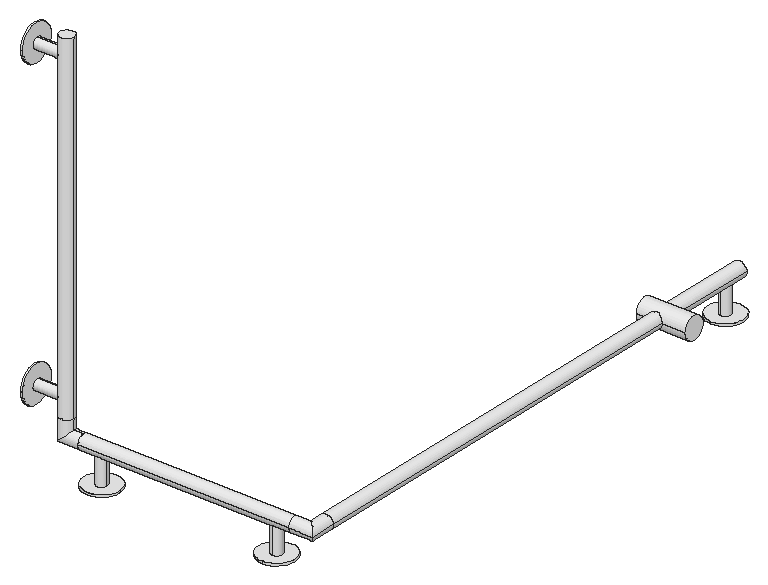
Revit family "KEUCO_34908014411", category Allgemeines Modell, Revit 2016
Family settings
  Teiletyp = Normal
  Kann Basisbauteil für Bewehrung sein = Nein
  Bemaßung runder Anschluss = Durchmesser verwenden
  Arbeitsebenenbasiert = Ja
  Immer vertikal = Nein
  Beim Laden mit Abzugskörper schneiden = Nein
  Gemeinsam genutzt = Nein
  Raumberechnungspunkt = Nein
Parameters (values of type "34908174611")
  Verwendung = "CA / DU"  # constant formula
  URL = "https://www.keuco.com/de/produkte/sortiment/artikel/?pid=34908&oid=1&pgo=10&country=de&lang=de&vid=34908174611"
  Preisgruppe = ""
  Material Stange = 1222 mm
  Stange A Länge  = 560 mm
  Materialien bei Hersteller anfragen = "Anfrage zu:  objektmanagement@keuco.de"
  Verbindung = 80 mm
  Kategorie = ""
  Gewicht = 0
  Beschreibung = "rechts und links verwendbar\r\nkomplett mit Brauseschieber"
  Default Elevation = 1219.2 mm
  Serie = "Plan"  # constant formula
  Stange Material = Verchromt
  Stange B Länge = 896 mm
  Hersteller = "KEUCO"  # constant formula
  Assembly Code = ""
  Ausschreibungstext = "KEUCO PLAN CARE Duschhandlauf mit Brausestange 34908174611 \r\nDuschhandlauf Aluminium silber-eloxiert (E6 EV1)/verchromt, \r\nkomplett mit Brausehalter, \r\nin ästhetischem, funktionalem und ergonomischem Design,\r\nAusführung rechts und links verwendbar, \r\nspeziell für den Dusch- und Wannenbereich \r\nals Hilfe zum Festhalten und Abstützen,\r\nbis 115 kg belastbar, antistatisch, leicht zu reinigen,\r\nAchsmaß waagerecht 400/600 mm, senkrecht 1182 mm,\r\nRohrdurchmesser 33 mm, 5 Rosetten Durchmesser 82 mm,\r\nAußenmaße 579 mm, 880 mm, 1265 mm,\r\nAusladung 90 mm, Wandabstand 57 mm,\r\nDer Duschhandlauf wird verdeckt angebracht\r\n\r\nIm Lieferumfang enthalten: \r\n5 x Befestigungs-Set 1 \r\nArt.-Nr. 34990000100 (je 1 x pro Wandbefestigung) \r\n\r\nDer Handlauf ist Bauart geprüft\r\n\r\nDer Griff ist kombinierbar mit dem Duschspritzschutz 34940 \r\nund dem Klappsitz mit Rückenlehne 34981\r\n\r\nWeitere Befestigungs-Sets\r\n(je nach Ankergrund/Mauerwerk):\r\n5 x Befestigungs-Set 4 (Art.-Nr. 34990000200) oder\r\n5 x Befestigungs-Set 7 (Art.-Nr. 34993000200)"
  Artikelnummer = "34908174611"
Types (9, lengths in mm): name | URL | Stange A Länge  | Materialien bei Hersteller anfragen | Beschreibung | Stange Material | Stange B Länge | Ausschreibungstext | Artikelnummer
  (no name) | "https://www.keuco.com" | 560 | "Request to:  objektmanagement@keuco.de" | "--" | Aluminium silber-eloxiert (E6 EV1) | 796 | "" | "34908174411"
  34908014411 | "https://www.keuco.com/de/produkte/sortiment/artikel/?pid=34908&oid=1&pgo=10&country=de&lang=de&vid=34908014411" | 560 | "Request to:  objektmanagement@keuco.de" | "rechts und links verwendbar\r\nkomplett mit Brauseschieber" | Verchromt | 796 | "KEUCO PLAN CARE Duschhandlauf mit Brausestange 34908014411, \r\nhochglanzverchromter Duschhandlauf, komplett mit Brausehalter, \r\nin ästhetischem, funktionalem und ergonomischem Design,\r\nAusführung rechts und links verwendbar, \r\nspeziell für den Dusch- und Wannenbereich \r\nals Hilfe zum Festhalten und Abstützen,\r\nbis 115 kg belastbar, antistatisch, leicht zu reinigen,\r\nAchsmaß waagerecht 400/400 mm, senkrecht 1182 mm,\r\nRohrdurchmesser 33 mm, 5 Rosetten Durchmesser 82 mm,\r\nAußenmaße 579 mm, 680 mm, 1265 mm,\r\nAusladung 90 mm, Wandabstand 57 mm,\r\nDer Duschhandlauf wird verdeckt angebracht\r\n\r\nIm Lieferumfang enthalten: \r\n5 x Befestigungs-Set 1 \r\nArt.-Nr. 34990000100 (je 1 x pro Wandbefestigung) \r\n\r\nDer Handlauf ist Bauart geprüft\r\n\r\nDer Griff ist kombinierbar mit dem Duschspritzschutz 34940 \r\nund dem Klappsitz mit Rückenlehne 34981\r\n\r\nWeitere Befestigungs-Sets\r\n(je nach Ankergrund/Mauerwerk):\r\n5 x Befestigungs-Set 4 (Art.-Nr. 34990000200) oder\r\n5 x Befestigungs-Set 7 (Art.-Nr. 34993000200)" | "34908014411"
  34908014611 | "https://www.keuco.com/de/produkte/sortiment/artikel/?pid=34908&oid=1&pgo=10&country=de&lang=de&vid=34908014611" | 560 | "Request to:  objektmanagement@keuco.de" | "rechts und links verwendbar\r\nkomplett mit Brauseschieber" | Verchromt | 896 | "KEUCO PLAN CARE Duschhandlauf mit Brausestange 34908014611 \r\nhochglanzverchromter Duschhandlauf, komplett mit Brausehalter, \r\nin ästhetischem, funktionalem und ergonomischem Design,\r\nAusführung rechts und links verwendbar, \r\nspeziell für den Dusch- und Wannenbereich \r\nals Hilfe zum Festhalten und Abstützen,\r\nbis 115 kg belastbar, antistatisch, leicht zu reinigen,\r\nAchsmaß waagerecht 400/600 mm, senkrecht 1182 mm,\r\nRohrdurchmesser 33 mm, 5 Rosetten Durchmesser 82 mm,\r\nAußenmaße 579 mm, 880 mm, 1265 mm,\r\nAusladung 90 mm, Wandabstand 57 mm,\r\nDer Duschhandlauf wird verdeckt angebracht\r\n\r\nIm Lieferumfang enthalten: \r\n5 x Befestigungs-Set 1 \r\nArt.-Nr. 34990000100 (je 1 x pro Wandbefestigung) \r\n\r\nDer Handlauf ist Bauart geprüft\r\n\r\nDer Griff ist kombinierbar mit dem Duschspritzschutz 34940 \r\nund dem Klappsitz mit Rückenlehne 34981\r\n\r\nWeitere Befestigungs-Sets\r\n(je nach Ankergrund/Mauerwerk):\r\n5 x Befestigungs-Set 4 (Art.-Nr. 34990000200) oder\r\n5 x Befestigungs-Set 7 (Art.-Nr. 34993000200)" | "34908014611"
  34908016411 | "https://www.keuco.com/de/produkte/sortiment/artikel/?pid=34908&oid=1&pgo=10&country=de&lang=de&vid=34908016411" | 760 | "Request to:  objektmanagement@keuco.de" | "rechts und links verwendbar\r\nkomplett mit Brauseschieber" | Verchromt | 696 | "KEUCO PLAN CARE Duschhandlauf mit Brausestange 34908016411 \r\nhochglanzverchromter Duschhandlauf, komplett mit Brausehalter, \r\nin ästhetischem, funktionalem und ergonomischem Design,\r\nAusführung rechts und links verwendbar, \r\nspeziell für den Dusch- und Wannenbereich \r\nals Hilfe zum Festhalten und Abstützen,\r\nbis 115 kg belastbar, antistatisch, leicht zu reinigen,\r\nAchsmaß waagerecht 600/400 mm, senkrecht 1182 mm,\r\nRohrdurchmesser 33 mm, 5 Rosetten Durchmesser 82 mm,\r\nAußenmaße 779 mm, 680 mm, 1265 mm,\r\nAusladung 90 mm, Wandabstand 57 mm,\r\nDer Duschhandlauf wird verdeckt angebracht\r\n\r\nIm Lieferumfang enthalten: \r\n5 x Befestigungs-Set 1 \r\nArt.-Nr. 34990000100 (je 1 x pro Wandbefestigung) \r\n\r\nDer Handlauf ist Bauart geprüft\r\n\r\nDer Griff ist kombinierbar mit dem Duschspritzschutz 34940 \r\nund dem Klappsitz mit Rückenlehne 34981\r\n\r\nWeitere Befestigungs-Sets\r\n(je nach Ankergrund/Mauerwerk):\r\n5 x Befestigungs-Set 4 (Art.-Nr. 34990000200) oder\r\n5 x Befestigungs-Set 7 (Art.-Nr. 34993000200)" | "34908016411"
  34908016611 | "https://www.keuco.com/de/produkte/sortiment/artikel/?pid=34908&oid=1&pgo=10&country=de&lang=de&vid=34908016611" | 760 | "Request to:  objektmanagement@keuco.de" | "rechts und links verwendbar\r\nkomplett mit Brauseschieber" | Verchromt | 696 | "KEUCO PLAN CARE Duschhandlauf mit Brausestange 34908016611 \r\nhochglanzverchromter Duschhandlauf, komplett mit Brausehalter, \r\nin ästhetischem, funktionalem und ergonomischem Design,\r\nAusführung rechts und links verwendbar, \r\nspeziell für den Dusch- und Wannenbereich \r\nals Hilfe zum Festhalten und Abstützen,\r\nbis 115 kg belastbar, antistatisch, leicht zu reinigen,\r\nAchsmaß waagerecht 600/600 mm, senkrecht 1182 mm,\r\nRohrdurchmesser 33 mm, 5 Rosetten Durchmesser 82 mm,\r\nAußenmaße 797 mm, 880 mm, 1265 mm,\r\nAusladung 90 mm, Wandabstand 57 mm,\r\nDer Duschhandlauf wird verdeckt angebracht\r\n\r\nIm Lieferumfang enthalten: \r\n5 x Befestigungs-Set 1 \r\nArt.-Nr. 34990000100 (je 1 x pro Wandbefestigung) \r\n\r\nDer Handlauf ist Bauart geprüft\r\n\r\nDer Griff ist kombinierbar mit dem Duschspritzschutz 34940 \r\nund dem Klappsitz mit Rückenlehne 34981\r\n\r\nWeitere Befestigungs-Sets\r\n(je nach Ankergrund/Mauerwerk):\r\n5 x Befestigungs-Set 4 (Art.-Nr. 34990000200) oder\r\n5 x Befestigungs-Set 7 (Art.-Nr. 34993000200)" | "34908016611"
  34908174411 | "https://www.keuco.com/de/produkte/sortiment/artikel/?pid=34908&oid=1&pgo=10&country=de&lang=de&vid=34908174411" | 560 | "Request to:  objektmanagement@keuco.de" | "rechts und links verwendbar\r\nkomplett mit Brauseschieber" | Aluminium silber-eloxiert (E6 EV1) | 796 | "KEUCO PLAN CARE Duschhandlauf mit Brausestange 34908174411 \r\nDuschhandlauf Aluminium silber-eloxiert (E6 EV1)/verchromt, \r\nkomplett mit Brausehalter, \r\nin ästhetischem, funktionalem und ergonomischem Design,\r\nAusführung rechts und links verwendbar, \r\nspeziell für den Dusch- und Wannenbereich \r\nals Hilfe zum Festhalten und Abstützen,\r\nbis 115 kg belastbar, antistatisch, leicht zu reinigen,\r\nAchsmaß waagerecht 400/400 mm, senkrecht 1182 mm,\r\nRohrdurchmesser 33 mm, 5 Rosetten Durchmesser 82 mm,\r\nAußenmaße 579 mm, 680 mm, 1265 mm,\r\nAusladung 90 mm, Wandabstand 57 mm,\r\nDer Duschhandlauf wird verdeckt angebracht\r\n\r\nIm Lieferumfang enthalten: \r\n5 x Befestigungs-Set 1 \r\nArt.-Nr. 34990000100 (je 1 x pro Wandbefestigung) \r\n\r\nDer Handlauf ist Bauart geprüft\r\n\r\nDer Griff ist kombinierbar mit dem Duschspritzschutz 34940 \r\nund dem Klappsitz mit Rückenlehne 34981\r\n\r\nWeitere Befestigungs-Sets\r\n(je nach Ankergrund/Mauerwerk):\r\n5 x Befestigungs-Set 4 (Art.-Nr. 34990000200) oder\r\n5 x Befestigungs-Set 7 (Art.-Nr. 34993000200)" | "34908174411"
  34908174611 | "https://www.keuco.com/de/produkte/sortiment/artikel/?pid=34908&oid=1&pgo=10&country=de&lang=de&vid=34908174611" | 560 | "Anfrage zu:  objektmanagement@keuco.de" | "rechts und links verwendbar\r\nkomplett mit Brauseschieber" | Verchromt | 896 | "KEUCO PLAN CARE Duschhandlauf mit Brausestange 34908174611 \r\nDuschhandlauf Aluminium silber-eloxiert (E6 EV1)/verchromt, \r\nkomplett mit Brausehalter, \r\nin ästhetischem, funktionalem und ergonomischem Design,\r\nAusführung rechts und links verwendbar, \r\nspeziell für den Dusch- und Wannenbereich \r\nals Hilfe zum Festhalten und Abstützen,\r\nbis 115 kg belastbar, antistatisch, leicht zu reinigen,\r\nAchsmaß waagerecht 400/600 mm, senkrecht 1182 mm,\r\nRohrdurchmesser 33 mm, 5 Rosetten Durchmesser 82 mm,\r\nAußenmaße 579 mm, 880 mm, 1265 mm,\r\nAusladung 90 mm, Wandabstand 57 mm,\r\nDer Duschhandlauf wird verdeckt angebracht\r\n\r\nIm Lieferumfang enthalten: \r\n5 x Befestigungs-Set 1 \r\nArt.-Nr. 34990000100 (je 1 x pro Wandbefestigung) \r\n\r\nDer Handlauf ist Bauart geprüft\r\n\r\nDer Griff ist kombinierbar mit dem Duschspritzschutz 34940 \r\nund dem Klappsitz mit Rückenlehne 34981\r\n\r\nWeitere Befestigungs-Sets\r\n(je nach Ankergrund/Mauerwerk):\r\n5 x Befestigungs-Set 4 (Art.-Nr. 34990000200) oder\r\n5 x Befestigungs-Set 7 (Art.-Nr. 34993000200)" | "34908174611"
  34908176411 | "https://www.keuco.com/de/produkte/sortiment/artikel/?pid=34908&oid=1&pgo=10&country=de&lang=de&vid=34908176411" | 760 | "Request to:  objektmanagement@keuco.de" | "rechts und links verwendbar\r\nkomplett mit Brauseschieber" | Aluminium silber-eloxiert (E6 EV1) | 696 | "KEUCO PLAN CARE Duschhandlauf mit Brausestange 34908176411 \r\nDuschhandlauf Aluminium silber-eloxiert (E6 EV1)/verchromt, \r\nkomplett mit Brausehalter, \r\nin ästhetischem, funktionalem und ergonomischem Design,\r\nAusführung rechts und links verwendbar, \r\nspeziell für den Dusch- und Wannenbereich \r\nals Hilfe zum Festhalten und Abstützen,\r\nbis 115 kg belastbar, antistatisch, leicht zu reinigen,\r\nAchsmaß waagerecht 600/400 mm, senkrecht 1182 mm,\r\nRohrdurchmesser 33 mm, 5 Rosetten Durchmesser 82 mm,\r\nAußenmaße 779 mm, 680 mm, 1265 mm,\r\nAusladung 90 mm, Wandabstand 57 mm,\r\nDer Duschhandlauf wird verdeckt angebracht\r\n\r\nIm Lieferumfang enthalten: \r\n5 x Befestigungs-Set 1 \r\nArt.-Nr. 34990000100 (je 1 x pro Wandbefestigung) \r\n\r\nDer Handlauf ist Bauart geprüft\r\n\r\nDer Griff ist kombinierbar mit dem Duschspritzschutz 34940 \r\nund dem Klappsitz mit Rückenlehne 34981\r\n\r\nWeitere Befestigungs-Sets\r\n(je nach Ankergrund/Mauerwerk):\r\n5 x Befestigungs-Set 4 (Art.-Nr. 34990000200) oder\r\n5 x Befestigungs-Set 7 (Art.-Nr. 34993000200)" | "34908176411"
  34908176611 | "https://www.keuco.com/de/produkte/sortiment/artikel/?pid=34908&oid=1&pgo=10&country=de&lang=de&vid=34908176611" | 660 | "Request to:  objektmanagement@keuco.de" | "rechts und links verwendbar\r\nkomplett mit Brauseschieber" | Aluminium silber-eloxiert (E6 EV1) | 896 | "KEUCO PLAN CARE Duschhandlauf mit Brausestange 34908176611 \r\nDuschhandlauf Aluminium silber-eloxiert (E6 EV1)/verchromt, \r\nkomplett mit Brausehalter, \r\nin ästhetischem, funktionalem und ergonomischem Design,\r\nAusführung rechts und links verwendbar, \r\nspeziell für den Dusch- und Wannenbereich \r\nals Hilfe zum Festhalten und Abstützen,\r\nbis 115 kg belastbar, antistatisch, leicht zu reinigen,\r\nAchsmaß waagerecht 600/600 mm, senkrecht 1182 mm,\r\nRohrdurchmesser 33 mm, 5 Rosetten Durchmesser 82 mm,\r\nAußenmaße 797 mm, 880 mm, 1265 mm,\r\nAusladung 90 mm, Wandabstand 57 mm,\r\nDer Duschhandlauf wird verdeckt angebracht\r\n\r\nIm Lieferumfang enthalten: \r\n5 x Befestigungs-Set 1 \r\nArt.-Nr. 34990000100 (je 1 x pro Wandbefestigung) \r\n\r\nDer Handlauf ist Bauart geprüft\r\n\r\nDer Griff ist kombinierbar mit dem Duschspritzschutz 34940 \r\nund dem Klappsitz mit Rückenlehne 34981\r\n\r\nWeitere Befestigungs-Sets\r\n(je nach Ankergrund/Mauerwerk):\r\n5 x Befestigungs-Set 4 (Art.-Nr. 34990000200) oder\r\n5 x Befestigungs-Set 7 (Art.-Nr. 34993000200)" | "34908176611"
Reference planes
  plane 1 "Center (Front/Back)": y = 0
  plane 2: z = 0
  plane 3 "Center (Left/Right)": x = 0
  plane 4: x = -560
  plane 5: x = -480
  plane 6: z = 76.5
  plane 7: y = 1222
  plane 8: y = 1182
  plane 9: x = -80
  plane 10: y = 40
  plane 11: x = -521
  plane 12: z = 896
  plane 13: z = 156.5
  plane 14: z = 856
  plane 15: x = -543.5
  plane 16: x = -633.5
Forms (mm)
  Extrusion 1, solid, material "Verchromt" <- "Stange Material"
    sketch origin (0, 0, 0) x (1, 0, 0) y (0, 1, 0)
      loop
        circle (-480, 0) r 12
    from 4.577 to 65.818
  Extrusion 2, solid, material "Verchromt" <- "Stange Material"
    sketch origin (0, 0, 0) x (1, 0, 0) y (0, 1, 0)
      loop
        circle (-480, 0) r 41
    from 0 to 4.577
  Extrusion 3, solid, material "Verchromt" <- "Stange Material"
    sketch origin (131, 208.28, 0) x (0, 1, 0) y (-1, 0, 0)
      loop
        circle (-208.28, 211) r 12
    from 4.577 to 65.818
  Extrusion 4, solid, material "Verchromt" <- "Stange Material"
    sketch origin (131, 208.28, 0) x (0, 1, 0) y (-1, 0, 0)
      loop
        circle (-208.28, 211) r 41
    from 0 to 4.577
  Sweep 5, solid, material "Verchromt" <- "Stange Material"
    path origin (0, 16.5, 76.5) x (0, 1, 0) y (-1, 0, 0)
      loop
        line (-16.5, 521) -> (-16.5, 39)
    profile origin (-280, 0, 76.5) x (0, 1, 0) y (0, 0, 1)
      loop
        circle (0, 0) r 16.5
  Extrusion 6, solid, material "Verchromt" <- "Stange Material"
    sketch origin (211, 733.537, 0) x (0, 1, 0) y (-1, 0, 0)
      loop
        circle (448.463, 211) r 12
    from 4.577 to 65.607
  Extrusion 7, solid, material "Verchromt" <- "Stange Material"
    sketch origin (211, 733.537, 0) x (0, 1, 0) y (-1, 0, 0)
      loop
        circle (448.463, 211) r 41
    from 0 to 4.577
  Extrusion 8, solid, material "Verchromt" <- "Stange Material"
    sketch origin (0, -1.829, 0) x (0, 1, 0) y (0, 0, 1)
      loop
        circle (1005.686, 76.5) r 25
    from -40.763 to 70.797
  Sweep 9, solid, material "Verchromt" <- "Stange Material"
    path origin (16.5, 200, 76.5) x (1, 0, 0) y (0, 1, 0)
      loop
        line (-16.5, 1022) -> (-16.5, -160)
    profile origin (0, 631, 76.5) x (1, 0, 0) y (0, 0, 1)
      loop
        circle (0, 0) r 16.5
  Sweep 10, solid, material "Verchromt" <- "Stange Material"
    path origin (75, 16.5, 76.5) x (0, 1, 0) y (-1, 0, 0)
      loop
        line (-16.5, 114) -> (-16.5, 75) -> (23.5, 75)
    profile origin (-19.5, 0, 76.5) x (0, 1, 0) y (0, 0, 1)
      loop
        circle (0, 0) r 16.5
  Sweep 11, solid, material "Verchromt" <- "Stange Material"
    path origin (0, 0, 0) x (1, 0, 0) y (0, 0, 1)
      loop
        line (-521, 76.5) -> (-560, 76.5) -> (-560, 116.5)
    profile origin (-540.5, 0, 76.5) x (0, 0, -1) y (0, -1, 0)
      loop
        circle (0, 0) r 16.5
  Sweep 12, solid, material "Verchromt" <- "Stange Material"
    path origin (0, 0, 90) x (1, 0, 0) y (0, 0, 1)
      loop
        line (-560, 26.5) -> (-560, 806)
    profile origin (-560, 0, 506.25) x (-1, 0, 0) y (0, -1, 0)
      loop
        circle (0, 0) r 16.5
  Extrusion 13, solid, material "Verchromt" <- "Stange Material"
    sketch origin (-633.5, -733.591, 344.602) x (0, 0, -1) y (0, 1, 0)
      loop
        circle (-511.398, 733.591) r 12
    from 4.577 to 61.818
  Extrusion 14, solid, material "Verchromt" <- "Stange Material"
    sketch origin (-633.5, -250.871, 1231.417) x (0, -1, 0) y (0, 0, -1)
      loop
        circle (-250.871, 375.417) r 41
    from 0 to 4.577
  Extrusion 15, solid, material "Verchromt" <- "Stange Material"
    sketch origin (-633.5, -733.591, 328.898) x (0, 0, 1) y (0, -1, 0)
      loop
        circle (-172.398, -733.591) r 12
    from 4.577 to 61.818
  Extrusion 16, solid, material "Verchromt" <- "Stange Material"
    sketch origin (-633.5, -250.871, -557.917) x (0, -1, 0) y (0, 0, -1)
      loop
        circle (-250.871, -714.417) r 41
    from 0 to 4.577
Cuts and joins
  joined: Extrusion 1, Extrusion 3, Sweep 5, Extrusion 6, Extrusion 8, Sweep 9, Sweep 10, Sweep 11, Sweep 12, Extrusion 13, Extrusion 15
Dimensions and locks
  "Material Stange": plane 7 to plane 1 "Center (Front/Back)"
  locked: plane 7 to plane 8 at 40
  plane 8 to plane 1 "Center (Front/Back)" = 1182 mm
  Extrusion 8 to Extrusion 8 = 111.56 mm
  "Stange A Länge ": plane 4 to plane 3 "Center (Left/Right)"
  locked: plane 4 to plane 5 at 80
  locked: plane 9 to plane 3 "Center (Left/Right)" at 80
  plane 5 to plane 9 = 400 mm
  locked: plane 10 to plane 1 "Center (Front/Back)" at 40
  locked: plane 4 to plane 11 at 39
  "Stange B Länge": plane 12 to plane 2
  locked: plane 12 to plane 14 at 40
  locked: plane 13 to plane 6 at 80
  locked: plane 15 to plane 4 at 16.5
  plane 15 to plane 16 = 90 mm
  locked: Extrusion 14 to plane 16 at 4.577
  locked: Extrusion 13 to Extrusion 14 at 57.24
  Extrusion 15 to Extrusion 16 to plane 16 = 57.24 mm locked, 4.577 mm locked
  locked: plane 6 to plane 2 at 76.5
  plane 14 to plane 13 = 699.5 mm
  aligned and locked: level to plane 2
  aligned and locked: Extrusion 1 to Extrusion 2
  aligned and locked: Extrusion 3 to Extrusion 1
  aligned and locked: plane 1 "Center (Front/Back)" to Sweep 5 sketch curve
  aligned and locked: plane 7 to Sweep 9 sketch curve
  aligned and locked: plane 10 to Sweep 9 sketch curve
  aligned and locked: plane 11 to Sweep 5 sketch curve
  aligned and locked: Sweep 11 to Sweep 12 sketch curve
  aligned and locked: plane 12 to Sweep 12 sketch curve
  aligned and locked: Extrusion 14 to plane 16
  aligned and locked: Extrusion 13 to Extrusion 14
  aligned and locked: Extrusion 16 to Extrusion 15  (x2)
  aligned and locked: Extrusion 16 to plane 16
Automatic sketch dimensions
  plane 1 "Center (Front/Back)" to Extrusion 1 sketch curve = 0 mm
  Extrusion 1 sketch curve to plane 5 = 0 mm
  plane 1 "Center (Front/Back)" to Extrusion 2 sketch curve = 0 mm
  Extrusion 2 sketch curve to plane 5 = 0 mm
  plane 1 "Center (Front/Back)" to Extrusion 3 sketch curve = 0 mm
  Extrusion 3 sketch curve to plane 9 = 0 mm
  plane 1 "Center (Front/Back)" to Extrusion 4 sketch curve = 0 mm
  Extrusion 4 sketch curve to plane 9 = 0 mm
  Sweep 5 sketch curve to plane 3 "Center (Left/Right)" = 39 mm
  Sweep 5 sketch curve to plane 6 = 0 mm
  Sweep 5 sketch curve to profile plane = 0 mm
  Extrusion 6 sketch curve to plane 3 "Center (Left/Right)" = 0 mm
  Extrusion 6 sketch curve to plane 8 = 0 mm
  Extrusion 7 sketch curve to plane 3 "Center (Left/Right)" = 0 mm
  Extrusion 7 sketch curve to plane 8 = 0 mm
  plane 6 to Extrusion 8 sketch curve = 0 mm
  Extrusion 8 sketch curve to plane 8 = 178.143 mm
  Sweep 9 sketch curve to plane 3 "Center (Left/Right)" = 0 mm
  Sweep 9 sketch curve to plane 6 = 0 mm
  profile plane to Sweep 9 sketch curve = 0 mm
  plane 1 "Center (Front/Back)" to Sweep 10 sketch curve = 0 mm
  Sweep 10 sketch curve to plane 3 "Center (Left/Right)" = 0 mm
  Sweep 10 sketch curve to plane 10 = 0 mm
  Sweep 10 sketch curve to plane 3 "Center (Left/Right)" = 39 mm
  Sweep 10 sketch curve to plane 6 = 0 mm
  Sweep 10 sketch curve to profile plane = 0 mm
  Sweep 11 sketch curve to plane 4 = 0 mm
  Sweep 11 sketch curve to plane 6 = 0 mm
  Sweep 11 sketch curve to plane 11 = 0 mm
  Sweep 11 sketch curve to Sweep 11 sketch curve = 40 mm
  Sweep 11 sketch curve to plane 1 "Center (Front/Back)" = 0 mm
  Sweep 11 sketch curve to profile plane = 0 mm
  Sweep 12 sketch curve to plane 4 = 0 mm
  plane 1 "Center (Front/Back)" to Sweep 12 sketch curve = 0 mm
  Sweep 12 sketch curve to profile plane = 0 mm
  Extrusion 13 sketch curve to plane 1 "Center (Front/Back)" = 0 mm
  Extrusion 13 sketch curve to plane 14 = 0 mm
  Extrusion 14 sketch curve to plane 1 "Center (Front/Back)" = 0 mm
  Extrusion 14 sketch curve to plane 14 = 0 mm
  Extrusion 15 sketch curve to plane 1 "Center (Front/Back)" = 0 mm
  Extrusion 15 sketch curve to plane 13 = 0 mm
  Extrusion 16 sketch curve to plane 1 "Center (Front/Back)" = 0 mm
  Extrusion 16 sketch curve to plane 13 = 0 mm
  radius of Extrusion 1 sketch curve = 12 mm
  radius of Extrusion 2 sketch curve = 41 mm
  radius of Extrusion 3 sketch curve = 12 mm
  radius of Extrusion 4 sketch curve = 41 mm
  radius of Sweep 5 sketch curve = 16.5 mm
  radius of Extrusion 6 sketch curve = 12 mm
  radius of Extrusion 7 sketch curve = 41 mm
  radius of Extrusion 8 sketch curve = 25 mm
  radius of Sweep 9 sketch curve = 16.5 mm
  radius of Sweep 10 sketch curve = 16.5 mm
  radius of Sweep 11 sketch curve = 16.5 mm
  radius of Sweep 12 sketch curve = 16.5 mm
  radius of Extrusion 13 sketch curve = 12 mm
  radius of Extrusion 14 sketch curve = 41 mm
  radius of Extrusion 15 sketch curve = 12 mm
  radius of Extrusion 16 sketch curve = 41 mm
